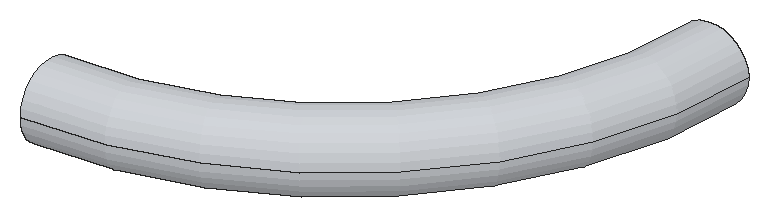
Revit family "TuberiaPEALPE_Curva90_gas_Extrucol_0015", category Uniones de tubería, Revit 2020
Family settings
  Cota de conector redondo = Diámetro de uso
  Tipo de pieza = Codo
  Se basa en plano de trabajo = No
  Siempre vertical = Sí
  Corte con vacíos al cargar = No
  Compartido = No
Parameters
  x [instance] = Radio Curvatura * tan(Angulo / 2)  # 100 mm
  URL = "http://www.extrucol.com/"
  Radio Curvatura [instance] = DN * 5  # 100 mm
  Fabricante = "Extrucol"
  Elevación por defecto = 0 mm
  Descripción = "Codo 90° PE100"
  DN [instance] = 20 mm
  Angulo [instance] = 90.00°
Reference planes
  plane 1 "Centro (Frontal/Posterior)": y = 0
  plane 2: z = 0
  plane 3 "Centro (Izquierda/Derecha)": x = 0
  plane 4: x = -100
  plane 5: y = 100
Forms (mm)
  Sweep 1, solid
    path in 3D
      loop
        arc (-100, 0, 0) -> (-29.289, 29.289, 0) -> (0, 100, 0) r 100
    profile origin (-29.289, 29.289, 0) x (-0.707107, 0.707107, 0) y (0, 0, 1)
      loop
        circle (0, 0) r 10
Lines and regions (mm)
  model lines
    curve 1: arc (-100, 0, 0) -> (-29.289, 29.289, 0) -> (0, 100, 0) r 100
  sketch lines
    curve 2: arc (-100, 0, 0) -> (-29.289, 29.289, 0) -> (0, 100, 0) r 100
Dimensions and locks
  "x": plane 4 to plane 3 "Centro (Izquierda/Derecha)"
  "Radio Curvatura": plane 5 to plane 1 "Centro (Frontal/Posterior)"
  "DN": diameter of Sweep 1 sketch curve
  aligned and locked: level to plane 2
  aligned and locked: plane 1 "Centro (Frontal/Posterior)" to curve 1
  aligned and locked: connector elem to curve 1
Automatic sketch dimensions
  curve 1 to plane 4 = 0 mm
  curve 1 to plane 3 "Centro (Izquierda/Derecha)" = 0 mm
  Sweep 1 sketch curve to profile plane = 0 mm
  profile plane to Sweep 1 sketch curve = 0 mm
Connectors
  piping at (-100, 0, 0), diameter 20, driven by "DN"
    settings: on Sweep 1, index 1, connector inside diameter 609.6 mm, connector length 0 mm, flow factor 0, pipe flow 0.0 L/s, pressure drop 0.0 Pa, fitting loss kfactor 0, connector angle 90.00°, fixture units 0, engagement length 0 mm, angle of deflection 0.00°, flow configuration 0, flow direction 0, fitting loss method 0, system type 28, joint type 0, gender type 0, connector reference index 2, connector utility 0, adjustable connector no, is connector primary yes, connector description ""
  piping at (0, 100, 0), diameter 20, driven by "DN"
    settings: on Sweep 1, index 2, connector inside diameter 609.6 mm, connector length 0 mm, flow factor 0, pipe flow 0.0 L/s, pressure drop 0.0 Pa, fitting loss kfactor 0, connector angle 90.00°, fixture units 0, engagement length 0 mm, angle of deflection 0.00°, flow configuration 0, flow direction 0, fitting loss method 0, system type 28, joint type 0, gender type 0, connector reference index 1, connector utility 0, adjustable connector no, is connector primary no, connector description ""
